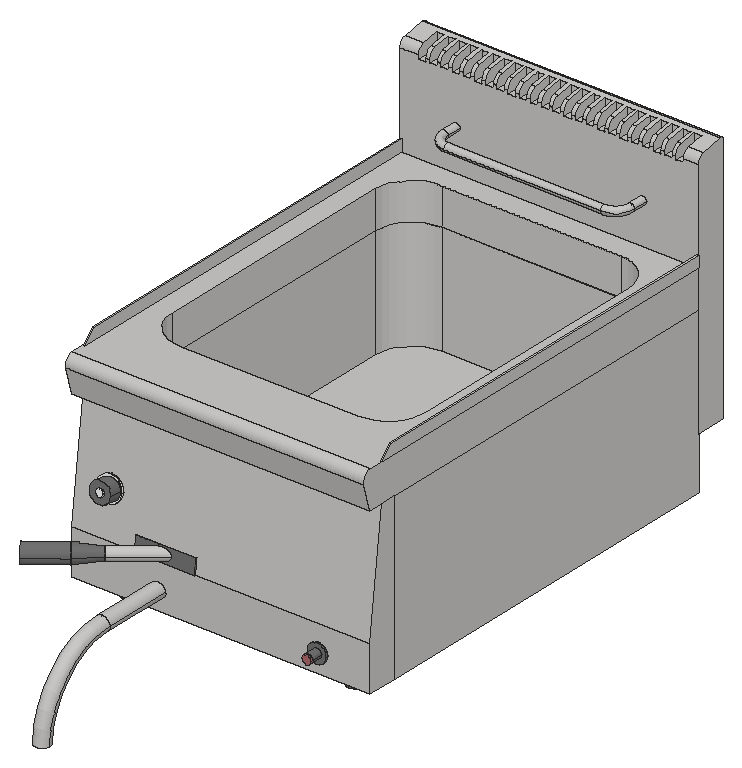
Revit family "QF_GIORIK_LFG4710", category Specialty Equipment, Revit 2014
Parameters (values of type "LFG4710")
  Weight in Pounds = 52.9109
  URL Cutsheet = "www.giorik.com"
  URL = "www.giorik.com"
  Status [instance] = ""
  Specification by User [instance] = ""
  Specification by Manufacturer = ""
  Show Logo [instance] = yes
  Show Clearance [instance] = yes
  Serial Number = ""
  Seismic Rating = ""
  SMACNA No = ""
  Revision Code [instance] = ""
  NAFEM Spec ID Number = ""
  Model = "LFG4710"
  Mechanical Remarks [instance] = "Natural Gas"
  Mechanical Connection Type [instance] = ""
  Masterspec = ""
  Manufacturer = "GIORIK"
  Item Number [instance] = ""
  Installed By [instance] = ""
  Identify Quantity as Lot [instance] = no
  Gas Size = 1"
  Gas RI Height [instance] = 0 mm
  Gas KW = 6.7
  Gas Input = 6700 W
  Gas Connection Height [instance] = 45 mm
  Furnished By [instance] = ""
  Foodservice Equipment Identifier [instance] = yes
  Description = "GAS FRYER 8 LT"
  CSI MasterFormat = ""
  Assembly Code = "E1090320"
Reference planes
  plane 1 "Back": y = 0
  plane 2: z = 0
  plane 3 "Left": x = 0
  plane 4 "Right": x = 400
  plane 5 "Front": y = -600
  plane 6 "Top": z = 430
Forms (mm)
  Extrusion 1, solid
    sketch origin (0, 1000, -578.42) x (0, 1, 0) y (0, 0, 1)
      loop
        line (-1040.007, 869.975) -> (-1589.445, 869.975)
        arc (-1589.445, 869.975) -> (-1598.171, 865.672) -> (-1600.069, 856.13) r 10.999
        line (-1600.069, 856.13) -> (-1590.388, 820) -> (-1040.007, 820) -> (-1040.007, 869.975)
    from 0 to 400
  Extrusion 2, solid
    sketch origin (0, 0, -558.42) x (0, 1, 0) y (0, 0, 1)
      loop
        line (-570.06, 849.975) -> (-40.007, 849.975) -> (-40.007, 864.975) -> (-555.06, 864.975) -> (-570.06, 849.975)
    from 0 to 1.85
  Extrusion 3, solid
    sketch origin (0, 0, -558.42) x (0, 1, 0) y (0, 0, 1)
      loop
        line (-40.007, 800) -> (-550, 800) -> (-550, 580) -> (-40.007, 580) -> (-40.007, 800)
    from 0 to 400
  Extrusion 4, solid
    sketch origin (0, 0, -558.42) x (0, 1, 0) y (0, 0, 1)
      loop
        line (-550, 800) -> (-570.5, 800) -> (-590, 640) -> (-590, 580) -> (-550, 580) -> (-550, 800)
    from 0 to 400
  Extrusion 5, solid
    sketch origin (398.094, 0, -558.42) x (0, 1, 0) y (0, 0, 1)
      loop
        line (-570.06, 849.975) -> (-40.007, 849.975) -> (-40.007, 864.975) -> (-555.06, 864.975) -> (-570.06, 849.975)
    from -0.15 to 1.906
  Extrusion 6, solid
    sketch origin (0, 0, -558.42) x (0, 1, 0) y (0, 0, 1)
      loop
        line (-40.007, 974.217) -> (-40.007, 650.827) -> (0, 650.827) -> (0, 988.42)
        arc (0, 988.42) -> (-0.57, 989.648) -> (-1.878, 990) r 1.6
        line (-1.878, 990) -> (-31.072, 984.852)
        arc (-31.072, 984.852) -> (-37.477, 981.162) -> (-40.007, 974.217) r 10.797
    from 0 to 400
  Extrusion 7, solid
    sketch origin (103.319, 0, -561) x (1, 0, 0) y (0, 0, 1)
      loop
        circle (-38.319, 606) r 12.5
    from 20.007 to 40.007
  Extrusion 8, void
    sketch origin (10, 0, 431.58) x (0, 1, 0) y (-1, 0, 0)
      loop
        line (-40.007, -25) -> (-9.931, -25) -> (-9.931, -15) -> (-40.007, -15) -> (-40.007, -25)
      loop
        line (-40.007, -40) -> (-9.931, -40) -> (-9.931, -30) -> (-40.007, -30) -> (-40.007, -40)
      loop
        line (-40.007, -55) -> (-9.931, -55) -> (-9.931, -45) -> (-40.007, -45) -> (-40.007, -55)
      loop
        line (-40.007, -70) -> (-9.931, -70) -> (-9.931, -60) -> (-40.007, -60) -> (-40.007, -70)
      loop
        line (-40.007, -85) -> (-9.931, -85) -> (-9.931, -75) -> (-40.007, -75) -> (-40.007, -85)
      loop
        line (-40.007, -100) -> (-9.931, -100) -> (-9.931, -90) -> (-40.007, -90) -> (-40.007, -100)
      loop
        line (-40.007, -115) -> (-9.931, -115) -> (-9.931, -105) -> (-40.007, -105) -> (-40.007, -115)
      loop
        line (-40.007, -130) -> (-9.931, -130) -> (-9.931, -120) -> (-40.007, -120) -> (-40.007, -130)
      loop
        line (-40.007, -145) -> (-9.931, -145) -> (-9.931, -135) -> (-40.007, -135) -> (-40.007, -145)
      loop
        line (-40.007, -160) -> (-9.931, -160) -> (-9.931, -150) -> (-40.007, -150) -> (-40.007, -160)
      loop
        line (-40.007, -175) -> (-9.931, -175) -> (-9.931, -165) -> (-40.007, -165) -> (-40.007, -175)
      loop
        line (-40.007, -190) -> (-9.931, -190) -> (-9.931, -180) -> (-40.007, -180) -> (-40.007, -190)
      loop
        line (-40.007, -205) -> (-9.931, -205) -> (-9.931, -195) -> (-40.007, -195) -> (-40.007, -205)
      loop
        line (-40.007, -220) -> (-9.931, -220) -> (-9.931, -210) -> (-40.007, -210) -> (-40.007, -220)
      loop
        line (-40.007, -235) -> (-9.931, -235) -> (-9.931, -225) -> (-40.007, -225) -> (-40.007, -235)
      loop
        line (-40.007, -250) -> (-9.931, -250) -> (-9.931, -240) -> (-40.007, -240) -> (-40.007, -250)
      loop
        line (-40.007, -265) -> (-9.931, -265) -> (-9.931, -255) -> (-40.007, -255) -> (-40.007, -265)
      loop
        line (-40.007, -280) -> (-9.931, -280) -> (-9.931, -270) -> (-40.007, -270) -> (-40.007, -280)
      loop
        line (-40.007, -295) -> (-9.931, -295) -> (-9.931, -285) -> (-40.007, -285) -> (-40.007, -295)
      loop
        line (-40.007, -310) -> (-9.931, -310) -> (-9.931, -300) -> (-40.007, -300) -> (-40.007, -310)
      loop
        line (-40.007, -325) -> (-9.931, -325) -> (-9.931, -315) -> (-40.007, -315) -> (-40.007, -325)
      loop
        line (-40.007, -340) -> (-9.931, -340) -> (-9.931, -330) -> (-40.007, -330) -> (-40.007, -340)
      loop
        line (-40.007, -355) -> (-9.931, -355) -> (-9.931, -345) -> (-40.007, -345) -> (-40.007, -355)
      loop
        line (-40.007, -370) -> (-9.931, -370) -> (-9.931, -360) -> (-40.007, -360) -> (-40.007, -370)
    from 0 to -20
  Extrusion 9, solid
    sketch origin (566.603, 14.286, -28.42) x (0, 1, 0) y (-1, 0, 0)
      loop
        circle (-79.293, 516.603) r 5
    from 40.385 to 50
  Revolve 10, solid
    sketch origin (50, 18.936, -600) x (0, 1, 0) y (0, 0, 1)
      loop
        line (-83.943, 611.965) -> (-94.752, 611.965) -> (-97.943, 600) -> (-83.943, 600) -> (-83.943, 611.965)
      axis (-83.943, 611.965) -> (-83.943, 600)
    angle from 0 to 360
  Extrusion 11, solid
    sketch origin (-166.603, 14.286, -28.42) x (0, 1, 0) y (-1, 0, 0)
      loop
        circle (-79.293, -516.603) r 5
    from 40.385 to 50
  Revolve 12, solid
    sketch origin (350, 18.936, -600) x (0, 1, 0) y (0, 0, -1)
      loop
        line (-83.943, -611.965) -> (-83.943, -600) -> (-97.943, -600) -> (-94.752, -611.965) -> (-83.943, -611.965)
      axis (-83.943, -611.965) -> (-83.943, -600)
    angle from 0 to 360
  Extrusion 13, solid
    sketch origin (566.603, -469.707, -30) x (0, 1, 0) y (-1, 0, 0)
      loop
        circle (-79.293, 516.603) r 5
    from 41.965 to 51.58
  Revolve 14, solid
    sketch origin (50, -465.057, -600) x (0, 1, 0) y (0, 0, 1)
      loop
        line (-83.943, 611.965) -> (-94.752, 611.965) -> (-97.943, 600) -> (-83.943, 600) -> (-83.943, 611.965)
      axis (-83.943, 611.965) -> (-83.943, 600)
    angle from 0 to 360
  Extrusion 15, solid
    sketch origin (-166.603, -469.707, -30) x (0, 1, 0) y (-1, 0, 0)
      loop
        circle (-79.293, -516.603) r 5
    from 41.965 to 51.58
  Revolve 16, solid
    sketch origin (350, -465.057, -600) x (0, 1, 0) y (0, 0, -1)
      loop
        line (-83.943, -611.965) -> (-83.943, -600) -> (-97.943, -600) -> (-94.752, -611.965) -> (-83.943, -611.965)
      axis (-83.943, -611.965) -> (-83.943, -600)
    angle from 0 to 360
  Extrusion 17, void
    sketch origin (0, 0, 430) x (0, 1, 0) y (-1, 0, 0)
      loop
        arc (-70, -80) -> (-84.645, -44.645) -> (-120, -30) r 50
        line (-120, -30) -> (-460, -30)
        arc (-460, -30) -> (-495.355, -44.645) -> (-510, -80) r 50
        line (-510, -80) -> (-510, -320.349)
        arc (-510, -320.349) -> (-495.355, -355.704) -> (-460, -370.349) r 50
        line (-460, -370.349) -> (-120, -370.349)
        arc (-120, -370.349) -> (-84.645, -355.704) -> (-70, -320.349) r 50
        line (-70, -320.349) -> (-70, -80)
    from -97.843 to -337.592
  Sweep 18, solid
    path origin (0, -95.007, 346.556) x (0, 1, 0) y (-1, 0, 0)
      loop
        line (55, -75) -> (35, -75)
        arc (35, -75) -> (20.858, -80.858) -> (15, -95) r 20
        line (15, -95) -> (15, -305)
        arc (15, -305) -> (20.858, -319.142) -> (35, -325) r 20
        line (35, -325) -> (55, -325)
    profile origin (75, -50.007, 346.556) x (1, 0, 0) y (0, 0, 1)
      loop
        circle (0, 0) r 5
  Sweep 19, solid
    path origin (115, 226.022, -176.065) x (0, 1, 0) y (0, 0, 1)
      loop
        line (-814.022, 222.645) -> (-909.022, 222.645)
        arc (-909.022, 222.645) -> (-979.733, 193.356) -> (-1009.022, 122.645) r 100
    profile origin (115, -635.5, 46.58) x (0, 0, -1) y (1, 0, 0)
      loop
        circle (0, 0) r 10
  Extrusion 20, solid
    sketch origin (291.298, -565.79, -665.116) x (1, 0, 0) y (0, 0.001091, 0.999999)
      loop
        circle (38.702, 711.666) r 12.5
    from 25 to 27
  Extrusion 21, solid
    sketch origin (-434.91, -592.797, -671.509) x (1, 0, 0) y (0, 0.001091, 0.999999)
      loop
        circle (764.91, 718.089) r 6
    from 0 to 15
  Extrusion 22, solid
    sketch origin (-434.91, -593.959, -671.508) x (1, 0, 0) y (0, 0.001091, 0.999999)
      loop
        circle (764.91, 718.089) r 6
    from 13.838 to 15.838
  Blend 23, solid
    base sketch origin (616.882, -104.536, -902.739) x (0.615661, -0.788011, 0) y (0, 0, 1)
      loop
        circle (76.097, 994.319) r 8
    top sketch origin (616.882, -104.536, -902.739) x (0.615661, -0.788011, 0) y (0, 0, 1)
      loop
        circle (76.097, 994.319) r 12
    from 750.092 to 785.1
  Extrusion 24, solid
    sketch origin (608.056, -96.203, -914.17) x (0.615661, -0.788011, 0) y (0, 0, 1)
      loop
        circle (88.097, 1005.786) r 12
    from 783.275 to 836.3
  Extrusion 25, solid
    sketch origin (-402.728, -17.847, -369.564) x (-0.615661, 0.788011, 0) y (0, 0, 1)
      loop
        circle (-772.143, 461.145) r 8
    from 0 to 79.992
  Extrusion 26, solid
    sketch origin (0, -17.89, -65.171) x (1, 0, 0) y (0, 0.12098, 0.992655)
      loop
        line (84.851, 96.58) -> (84.851, 76.58) -> (164.851, 76.58) -> (164.851, 96.58) -> (84.851, 96.58)
    from 584.669 to 586.623
  Extrusion 27, solid
    sketch origin (46, -611.604, -96.824) x (1, 0, 0) y (0, 0.12098, 0.992655)
      loop
        circle (0, 240) r 14
    from 0 to 17.552
  Extrusion 28, solid
    sketch origin (46, -611.604, -96.824) x (1, 0, 0) y (0, 0.12098, 0.992655)
      loop
        circle (0, 240) r 17
    from 0 to 1.96
  Extrusion 29, solid
    sketch origin (-24, -20.893, -67.95) x (1, 0, 0) y (0, 0.12098, 0.992655)
      loop
        circle (70, 139.874) r 5
    from 601.431 to 599.431
Cuts and joins
  Extrusion 8 cuts Extrusion 6
  Extrusion 17 cuts Extrusion 1
  Extrusion 17 cuts Extrusion 3
Lines and regions (mm)
  symbolic lines, style "200-EquipInternal-2D"
    curve 1: line (25, -9.931, 290) -> (25, -40.007, 290)
    curve 2: line (35, -40.007, 290) -> (35, -9.931, 290)
    curve 3: line (40, -9.931, 290) -> (40, -40.007, 290)
    curve 4: line (50, -40.007, 290) -> (50, -9.931, 290)
    curve 5: line (55, -9.931, 290) -> (55, -40.007, 290)
    curve 6: line (65, -40.007, 290) -> (65, -9.931, 290)
    curve 7: line (85, -9.931, 290) -> (85, -40.007, 290)
    curve 8: line (95, -40.007, 290) -> (95, -9.931, 290)
    curve 9: line (100, -9.931, 290) -> (100, -40.007, 290)
    curve 10: line (110, -40.007, 290) -> (110, -9.931, 290)
    curve 11: line (140, -40.007, 290) -> (140, -9.931, 290)
    curve 12: line (130, -9.931, 290) -> (130, -40.007, 290)
    curve 13: line (155, -40.007, 290) -> (155, -9.931, 290)
    curve 14: line (160, -9.931, 290) -> (160, -40.007, 290)
    curve 15: line (170, -40.007, 290) -> (170, -9.931, 290)
    curve 16: line (145, -9.931, 290) -> (145, -40.007, 290)
    curve 17: line (200, -40.007, 290) -> (200, -9.931, 290)
    curve 18: line (190, -9.931, 290) -> (190, -40.007, 290)
    curve 19: line (205, -9.931, 290) -> (205, -40.007, 290)
    curve 20: line (215, -40.007, 290) -> (215, -9.931, 290)
    curve 21: line (220, -9.931, 290) -> (220, -40.007, 290)
    curve 22: line (230, -40.007, 290) -> (230, -9.931, 290)
    curve 23: line (250, -9.931, 290) -> (250, -40.007, 290)
    curve 24: line (260, -40.007, 290) -> (260, -9.931, 290)
    curve 25: line (265, -9.931, 290) -> (265, -40.007, 290)
    curve 26: line (275, -40.007, 290) -> (275, -9.931, 290)
    curve 27: line (280, -9.931, 290) -> (280, -40.007, 290)
    curve 28: line (290, -40.007, 290) -> (290, -9.931, 290)
    curve 29: line (320, -40.007, 290) -> (320, -9.931, 290)
    curve 30: line (310, -9.931, 290) -> (310, -40.007, 290)
    curve 31: line (335, -40.007, 290) -> (335, -9.931, 290)
    curve 32: line (325, -9.931, 290) -> (325, -40.007, 290)
    curve 33: line (340, -9.931, 290) -> (340, -40.007, 290)
    curve 34: line (350, -40.007, 290) -> (350, -9.931, 290)
    curve 35: line (370, -9.931, 290) -> (370, -40.007, 290)
    curve 36: line (380, -40.007, 290) -> (380, -9.931, 290)
    curve 37: line (380, -9.931, 290) -> (370, -9.931, 290)
    curve 38: line (350, -9.931, 290) -> (340, -9.931, 290)
    curve 39: line (335, -9.931, 290) -> (325, -9.931, 290)
    curve 40: line (320, -9.931, 290) -> (310, -9.931, 290)
    curve 41: line (275, -9.931, 290) -> (265, -9.931, 290)
    curve 42: line (110, -9.931, 290) -> (100, -9.931, 290)
    curve 43: line (95, -9.931, 290) -> (85, -9.931, 290)
    curve 44: line (65, -9.931, 290) -> (55, -9.931, 290)
    curve 45: line (35, -9.931, 290) -> (25, -9.931, 290)
    curve 46: line (140, -9.931, 290) -> (130, -9.931, 290)
    curve 47: line (155, -9.931, 290) -> (145, -9.931, 290)
    curve 48: line (170, -9.931, 290) -> (160, -9.931, 290)
    curve 49: line (200, -9.931, 290) -> (190, -9.931, 290)
    curve 50: line (215, -9.931, 290) -> (205, -9.931, 290)
    curve 51: line (230, -9.931, 290) -> (220, -9.931, 290)
    curve 52: line (260, -9.931, 290) -> (250, -9.931, 290)
    curve 53: line (50, -9.931, 290) -> (40, -9.931, 290)
    curve 54: line (70, -9.931, 430) -> (70, -40.007, 430)
    curve 55: line (80, -40.007, 430) -> (80, -9.931, 430)
    curve 56: line (80, -9.931, 430) -> (70, -9.931, 430)
    curve 57: line (175, -9.931, 430) -> (175, -40.007, 430)
    curve 58: line (185, -40.007, 430) -> (185, -9.931, 430)
    curve 59: line (185, -9.931, 430) -> (175, -9.931, 430)
    curve 60: line (235, -9.931, 430) -> (235, -40.007, 430)
    curve 61: line (245, -40.007, 430) -> (245, -9.931, 430)
    curve 62: line (245, -9.931, 430) -> (235, -9.931, 430)
    curve 63: line (290, -9.931, 430) -> (280, -9.931, 430)
    curve 64: line (305, -9.931, 430) -> (295, -9.931, 430)
    curve 65: line (295, -9.931, 430) -> (295, -40.007, 430)
    curve 66: line (305, -40.007, 430) -> (305, -9.931, 430)
    curve 67: line (355, -9.931, 430) -> (355, -40.007, 430)
    curve 68: line (365, -40.007, 430) -> (365, -9.931, 430)
    curve 69: line (365, -9.931, 430) -> (355, -9.931, 430)
    curve 70: line (400, -9.931, 430) -> (400, -40.007, 430)
    curve 71: line (125, -9.931, 430) -> (115, -9.931, 430)
    curve 72: line (115, -9.931, 430) -> (115, -40.007, 430)
    curve 73: line (125, -40.007, 430) -> (125, -9.931, 430)
    curve 78: line (397.944, -570.06, 430) -> (400, -570.06, 430)
    curve 79: line (397.944, -40.007, 430) -> (397.944, -570.06, 430)
    curve 80: line (83.813, -70, 430) -> (316.099, -70, 430)
    curve 81: line (370, -120, 430) -> (370, -460, 430)
    curve 82: line (30, -460, 430) -> (30, -120, 430)
    curve 83: arc (80, -510, 430) -> (44.645, -495.355, 430) -> (30, -460, 430) r 50
    curve 84: line (320, -510, 430) -> (80, -510, 430)
    curve 85: arc (370, -460, 430) -> (355.355, -495.355, 430) -> (320, -510, 430) r 50
    curve 86: line (0, -570.06, 430) -> (1.85, -570.06, 430)
    curve 87: line (1.85, -570.06, 430) -> (1.85, -40.007, 430)
    curve 88: line (1.85, -40.007, 430) -> (397.944, -40.007, 430)
    curve 89: arc (72.184, -70.615, 430) -> (41.982, -87.525, 430) -> (30, -120, 430) r 50
    curve 90: arc (370, -120, 430) -> (358.007, -87.512, 430) -> (327.782, -70.609, 430) r 50
    curve 91: line (320, -40.007, 430) -> (320, -60.789, 430)
    curve 92: line (330, -60.401, 430) -> (330, -40.007, 430)
    curve 93: line (305.79, -74.999, 430) -> (94.451, -74.999, 430)
    curve 94: line (94.495, -84.999, 430) -> (305.402, -84.999, 430)
    curve 95: arc (305.402, -84.999, 430) -> (322.796, -77.794, 430) -> (330, -60.401, 430) r 24.598
    curve 96: arc (320, -60.789, 430) -> (315.838, -70.837, 430) -> (305.79, -74.999, 430) r 14.21
    curve 97: line (70, -40.007, 430) -> (70, -60.504, 430)
    curve 98: line (80, -60.007, 430) -> (80, -40.007, 430)
    curve 99: arc (80, -60.007, 430) -> (84.201, -70.418, 430) -> (94.451, -74.999, 430) r 15.002
    curve 100: arc (70, -60.504, 430) -> (77.174, -77.824, 430) -> (94.495, -84.999, 430) r 24.495
  symbolic lines, style "200-EquipBorder-2D"
    curve 74: line (400, 0, 430) -> (0, 0, 430)
    curve 75: line (400, -600, 430) -> (400, 0, 430)
    curve 76: line (0, 0, 430) -> (0, -600, 430)
    curve 77: line (0, -600, 430) -> (400, -600, 430)
    curve 101: line (105, -611.182, 430) -> (105, -783, 430)
    curve 102: line (125, -783, 430) -> (125, -600, 430)
    curve 103: arc (105, -783, 430) -> (115, -793, 430) -> (125, -783, 430) r 10
    curve 104: line (77.576, -632.608, 430) -> (105, -611.182, 430)
    curve 105: line (67.725, -620, 430) -> (93.324, -600, 430)
    curve 106: line (52.373, -657.375, 430) -> (10.668, -689.958, 430)
    curve 107: line (10.668, -689.958, 430) -> (-4.108, -671.046, 430)
    curve 108: line (-4.108, -671.046, 430) -> (37.676, -638.401, 430)
    curve 109: line (37.676, -638.401, 430) -> (67.725, -620, 430)
    curve 110: line (77.576, -632.608, 430) -> (52.373, -657.375, 430)
    curve 111: line (324, -609.014, 430) -> (324, -600, 430)
    curve 112: line (324, -609.014, 430) -> (336, -609.014, 430)
    curve 113: line (336, -609.014, 430) -> (336, -600, 430)
Dimensions and locks
  plane 3 "Left" to plane 4 "Right" = 400 mm
  plane 5 "Front" to plane 1 "Back" = 600 mm
  plane 4 "Right" to plane 3 "Left" = 400 mm
  plane 1 "Back" to plane 5 "Front" = 600 mm
  plane 6 "Top" to level = 430 mm  (x2)
  aligned and locked: level to plane 2
Connectors
  piping at (65, -20.007, 45), diameter 25.4, driven by "Gas Size"
    settings: on Extrusion 7, index 1, connector inside diameter 24", connector length 0 mm, flow factor 0, pipe flow 0.0 L/s, pressure drop 0.0 Pa, fitting loss kfactor 0, connector angle 0.00°, fixture units 0, engagement length 0 mm, angle of deflection 0.00°, flow configuration 1, flow direction 1, fitting loss method 0, system type 22, joint type 0, gender type 0, connector reference index -1, connector utility 0, adjustable connector no, is connector primary yes, connector description "Gas Inlet"
